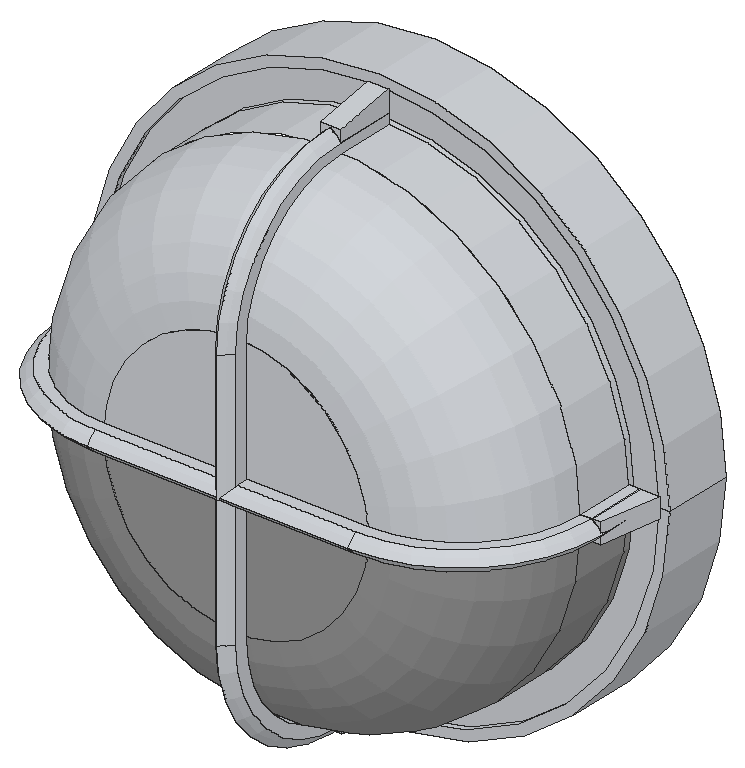
Revit family "O10-S290-E LED 500 AC 840 AL_Vertical Wall", category Lighting Fixtures, Revit 2016
Family settings
  Part Type = Normal
  Round Connector Dimension = Use Diameter
  OmniClass Number = 23.80.70.00
  OmniClass Title = Lighting
  Work Plane-Based = No
  Always vertical = Yes
  Cut with Voids When Loaded = No
  Light Source = Yes
  Shared = No
  Room Calculation Point = No
Parameters
  Wiring Accessories = ""
  Wattage Comments = ""
  Wattage = 12 W
  VoltageMax = 240 V
  built-in parameter 1150110 = 1 (stored number, unit not read)
  Voltage = 220 V
  UpdateDate = "27.04.2018 10:30:07"
  URL UK = "http://glamox.com/uk/products/O10-S290/items/O10314100"
  URL Sweden = "http://glamox.com/se/produkter/O10-S290/items/O10314100"
  URL Russia = "http://glamox.com/ru/products/O10-S290/items/O10314100"
  URL Other = "http://glamox.com/gsx/products/O10-S290/items/O10314100"
  URL Norway = "http://glamox.com/no/produkter/O10-S290/items/O10314100"
  URL Ireland = "http://glamox.com/ie/products/O10-S290/items/O10314100"
  URL Germany = "http://glamox.com/de/products/O10-S290/items/O10314100"
  URL Finland = "http://glamox.com/fi/products/O10-S290/items/O10314100"
  URL Estonia = "http://glamox.com/ee/products/O10-S290/items/O10314100"
  URL Denmark = "http://glamox.com/dk/produkter/O10-S290/items/O10314100"
  URL = ""
  TypeOfEmergency = ""
  TypeOfBallast = ""
  TotalWattage = 12 W
  Total Load = 12 W
  built-in parameter 1114217 = 1 (stored number, unit not read)
  Top Radius = Radius - 32.5 mm  # 112.5 mm
  Tilt Angle = 90.00°
  Termination = "5x2x2,5 PI"
  built-in parameter 1150109 = 1 (stored number, unit not read)
  built-in parameter 1150134 = (empty or 0)
  built-in parameter 1150113 = 1 (stored number, unit not read)
  Specification = "Outdoor product, in Aluminium, for Surface/Wall mounting, impact classification IK10, IP66, light source LED, lumen out 435lm, ballast type AC, with light source type CRI>80, 4000K, with Polycarbonate diffuser."
  Remark = ""
  RatedVoltage = 220 V
  PowerFactor = 98.00%
  Power Factor = 0.98
  Plug Type = ""
  Photometric Web File = "O10-S290-E-LED-500-840.ies"
  Optic = ""
  Number of Poles = 1
  NominalFrequencyRange = 50 Hz
  ModelReference = "O10-S290"
  ModelLabel = "O10-S290-E LED 500 AC 840 AL"
  Maximum TA = 40
  MaintenanceFactor = 0
  MFArtNo = "O10314100"
  LumDiameter = Diameter  # 290 mm
  Load Classification [instance] = Lighting
  Model = ""
  Manufacturer = "Glamox"
  Lumens = 435 lm
  built-in parameter 1150115 = 1 (stored number, unit not read)
  built-in parameter 1150105 = 34.616 (stored number, unit not read)
  LightFixturePlacingType = "WALL"
  LightFixtureMountingType = "SURFACE"
  built-in parameter 1150137 = (empty or 0)
  built-in parameter 1150139 = (empty or 0)
  LampBase = ""
  Lamp Wattage Comments = ""
  built-in parameter 1150112 = 1 (stored number, unit not read)
  built-in parameter 1150114 = 1 (stored number, unit not read)
  Lamp = "LED"
  built-in parameter 1150132 = 2
  built-in parameter 1150102 = (empty or 0)
  built-in parameter 1150138 = (empty or 0)
  built-in parameter 1150107 = 3000 (stored number, unit not read)
  built-in parameter 1150106 = 0.34616 (stored number, unit not read)
  IP_Code = "66"
  IPClass = "66"
  IK_Code = ""
  IFC Classification = "Light Fixture"
  Height = 149 mm
  GlobalTradeItemNumber = "4741145287760"
  Glamox Mounting = "Surface"
  Glamox Family = "O10-S290"
  Glamox Category = "Outdoor"
  FrequencyMax = 60 Hz
  Frequency = 50 Hz
  Expired = "0"
  Emit from Circle Diameter = LumDiameter  # 290 mm
  Emit Shape Visible in Rendering = yes
  built-in parameter 1150104 = 3.3677 (stored number, unit not read)
  ELNo Norway = ""
  ELNo Finland = ""
  EANNo = "4741145287760"
  DurationInBatteryMode = ""
  Dimming Lamp Color Temperature Shift = Incandescent Lamp Curve
  Diameter = 290 mm
  Description = "O10-S290-E LED 500 AC 840 AL"
  Cut Out = ""
  Completion = ""
  Color Filter = 16777215
  Radius = Diameter / 2  # 145 mm
  Body Material and Colour = Default
  built-in parameter 1114218 = 1 (stored number, unit not read)
  built-in parameter 1150133 = 10 (stored number, unit not read)
  Assembly Code = ""
  ArticleNumber = "O10314100"
  Apparent Load = Total Load / Power Factor  # 12.2449 VA
  #Ballast = 1
  # ballast on a MCB16 type C fuse = "176"
  # ballast on a MCB16 type B fuse = "130"
Reference planes
  plane 1 "Light Source Axis (F/B)": y = 0.31
  plane 2: z = 0
  plane 3 "Light Source Axis (L/R)": x = 0
  plane 4 "Light Source Elevation": z = 0
  plane 5: x = 0
  plane 6: y = 0.31
Forms (mm)
  Revolve 1, solid
    sketch origin (0, 0, -1.079) x (-1, 0, 0) y (0, -0.999999, -0.001408)
      loop
        arc (-66, 140.079) -> (-107.719, 122.798) -> (-125, 81.079) r 59
        line (-125, 81.079) -> (-125, 51.079) -> (-125, 48.126) -> (-140, 48.126) -> (-140, 51.079) -> (-145, 51.079) -> (-145, 16.079) -> (-125, 16.079) -> (-125, 0) -> (0, 0) -> (0, 140.079) -> (-66, 140.079)
      axis (0, 140.079) -> (0, 0)
    angle from 0 to 360
  Extrusion 2, solid
    sketch origin (0, 0, -1.079) x (-1, 0, 0) y (0, -0.999999, -0.001408)
      loop
        line (-140, 51.079) -> (-125, 51.079) -> (-125, 81.079) -> (-134.828, 81.079) -> (-140, 51.079)
    from -5 to 5
  Extrusion 3, solid
    sketch origin (0, 0, -1.079) x (1, 0, 0) y (0, 0.999999, 0.001408)
      loop
        line (-140, -51.079) -> (-134.916, -81.079) -> (-125, -81.079) -> (-125, -51.079) -> (-140, -51.079)
    from -5 to 5
  Extrusion 4, solid
    sketch origin (0, 0, -1.079) x (0, 0.001408, -0.999999) y (0, -0.999999, -0.001408)
      loop
        line (140, 51.079) -> (135.076, 81.079) -> (125.456, 81.079) -> (125.456, 51.079) -> (140, 51.079)
    from -5.31 to 4.69
  Extrusion 5, solid
    sketch origin (0, 0, -1.079) x (0, -0.001408, 0.999999) y (0, 0.999999, 0.001408)
      loop
        line (140, -51.079) -> (125, -51.079) -> (125, -81.079) -> (135.095, -81.079) -> (140, -51.079)
    from -5 to 5
  Sweep 6, solid
    path origin (0, 0, -1.079) x (-1, 0, 0) y (0, -0.999999, -0.001408)
      loop
        line (-130, 51.079) -> (-130, 81.079)
        arc (-130, 81.079) -> (-110.962, 127.041) -> (-65, 146.079) r 65
        line (-65, 146.079) -> (0, 146.079) -> (64.958, 146.079)
        arc (64.958, 146.079) -> (110.92, 127.041) -> (129.958, 81.079) r 65
        line (129.958, 81.079) -> (129.958, 51.079)
    profile origin (110.962, -127.041, -1.258) x (0.707107, -0.707106, -0.000995) y (0, -0.001408, 0.999999)
      loop
        line (-5.707, 5) -> (-5.707, -5) -> (0, -5)
        arc (0, -5) -> (3.052, -2.976) -> (5.564, -0.31) r 16
        arc (5.564, -0.31) -> (3.133, 2.528) -> (0.33, 5) r 26.787
        line (0.33, 5) -> (-5.707, 5)
  Sweep 7, solid
    path origin (0.31, -0.41, -2.314) x (0, -0.001408, 0.999999) y (0, -0.999999, -0.001408)
      loop
        line (-130, 51.079) -> (-130, 81.079)
        arc (-130, 81.079) -> (-110.962, 127.041) -> (-65, 146.079) r 65
        line (-65, 146.079) -> (0, 146.079) -> (64.958, 146.079)
        arc (64.958, 146.079) -> (110.92, 127.041) -> (129.958, 81.079) r 65
        line (129.958, 81.079) -> (129.958, 50.667)
    profile origin (0.31, -127.295, -113.455) x (0, -0.706111, -0.708102) y (1, 0, 0)
      loop
        line (-5.707, 5) -> (-5.707, -5) -> (0, -5)
        arc (0, -5) -> (3.052, -2.976) -> (5.564, -0.31) r 16
        arc (5.564, -0.31) -> (3.133, 2.528) -> (0.33, 5) r 26.787
        line (0.33, 5) -> (-5.707, 5)
Lines and regions (mm)
  symbolic lines
    curve 1: circle (0, 0.31, 0) r 145 normal (0, 0, -1)
    curve 2: line (0, 0.31, 0) -> (102.53, 102.841, 0)
    curve 3: line (0, 0.31, 0) -> (-102.53, 102.841, 0)
    curve 4: line (0, 0.31, 0) -> (-102.53, -102.22, 0)
    curve 5: line (0, 0.31, 0) -> (102.53, -102.22, 0)
Dimensions and locks
  aligned and locked: plane 3 "Light Source Axis (L/R)" to plane 5
  aligned and locked: plane 1 "Light Source Axis (F/B)" to plane 6
  aligned and locked: plane 4 "Light Source Elevation" to level
Connectors
  electrical at (0, 0, -1.079), driven by "Load Classification", driven by "Voltage", driven by "Apparent Load", driven by "Power Factor"
    settings: on Revolve 1, index 1, voltage 220 V, apparent load 0 VA, apparent load phase1 12.2449 VA, apparent load phase2 0 VA, apparent load phase3 0 VA, power factor 0.98, load classification "Lighting", number of poles 1, system type 31, power factor state 1, is connector primary yes, connector utility no, sub classification motor no, connector description ""
